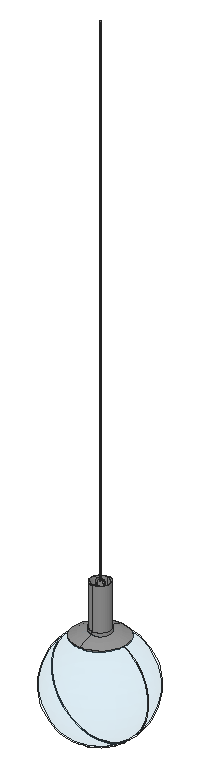
Revit family "Lighting_Pendants_Zero_Fog_Pendant", category Lighting Fixtures, Revit 2020
Family settings
  Round Connector Dimension = Use Diameter
  Part Type = Normal
  OmniClass Number = 23.80.70.00
  OmniClass Title = Lighting
  Work Plane-Based = Yes
  Always vertical = Yes
  Cut with Voids When Loaded = No
  Light Source = Yes
  Shared = No
  Room Calculation Point = No
Parameters (values of type "Fog pendant 300mm LED 395LM/4W Black")
  Youtube clip = ""
  Weight Net (Kg) = "3.5"
  Wattage = 2.65918 W
  WarrantyStartDate [instance] = "n/a"
  WarrantyGuarantorParts = "n/a"
  WarrantyGuarantorLabor = "n/a"
  WarrantyDurationUnit = "Year"
  WarrantyDurationParts = "n/a"
  WarrantyDurationLabor = "n/a"
  WarrantyDescription = "n/a"
  built-in parameter 1150110 = 1 (stored number, unit not read)
  VersionDate = "31/08/2023"  # constant formula
  Version = "3"  # constant formula
  UsageCurrent = 0 A
  Uniformat II Description = ""
  Uniformat II Code = ""
  Uniclass2015Reference = "Pr_70_70_48_86"
  Uniclass2015Description = "Suspended luminaires"
  Uniclass2 = "Pr_70_70_49_86"
  Uniclass 2015 Name = ""
  Uniclass 2015 Code = ""
  Uniclass 2.0 Description = ""
  Uniclass 2.0 Code = ""
  Uniclass 1.4 Description = ""
  Uniclass 1.4 Code = ""
  URL = "https://www.zerolighting.com/fog-inompe/"
  UNSPSC Code = ""
  TotalWattage = 4 W
  built-in parameter 1114217 = 1 (stored number, unit not read)
  Tilt Angle = 90.00°
  built-in parameter 1150109 = 1 (stored number, unit not read)
  built-in parameter 1150134 = (empty or 0)
  Technical description = ""
  TagNumber [instance] = "n/a"
  SustainabilityPerformance = "n/a"
  built-in parameter 1150113 = 1 (stored number, unit not read)
  Size = "300x300x430 mm"
  Shape = "Sculptured"
  SerialNumber [instance] = "n/a"
  Revision = "5"  # constant formula
  ReplacementCost = "n/a"
  Region South America = "None"
  Region Oceania = "AU, NZ"
  Region North America = "BZ, CR, GT, HN, MX, NI, PA, SV, US"
  Region Middle East = "AE"
  Region Europe = "AD, AL, AT, AX, BA, BE, BG, BY, CH, CY, CZ, DE, DK, EE, ES, FI, FO, FR, GB, GG, GI, GR, HR, HU, IE, IM, IS, IT, JE, LI, LT, LU, LV, MC, MD, ME, MK, MT, NL, NO, PL, PT, RO, RS, RU, SE, SI, SJ, SK, SM, UA, VA"
  Region Asia = "HK, JP, SG"
  Region Antarctica = "None"
  Region Africa = "None"
  ProductInformation = "n/a"
  Product group = "Pendant"
  Product family = "Fog"
  Product certification = ""
  Product SKU = "Fog_pendant"
  Product Guid = "0169e5ec-362a-4916-a359-482d8c756f5c"
  Photometric Web File = "Fog83113_IES.IES"
  PhaseReference = "n/a"
  PhaseAngle = 0.00°
  OmniClass Description = ""
  OmniClass Code = ""
  NumberOfSources = 0
  NumberOfPoles = 1
  NominalVoltageCalc = 0 V
  NominalVoltage = 230 V
  NominalRadius = 150 mm
  NominalLength = 300 mm
  NominalFrequencyRange = 50 Hz
  NominalDiameter = 300 mm
  NominalCurrent = 0 A
  Nominal width = 0 mm
  Nominal height = 0 mm
  Name = "Zero_Fog_Pendant"  # constant formula
  NBSReference = "90-60-50/405"
  NBSDescription = "General purpose luminaires"
  NBS Reference Description = ""
  NBS Reference Code = ""
  ModelReference = "n/a"
  ModelNumber = "8311-1-06"
  Model = "Fog pendant 300mm LED 395LM/4W Black"
  Material secondary = "Steel"
  Material main = "Glass"
  Material = "Metal and glass"
  Masterformat 2014 Description = ""
  Masterformat 2014 Code = ""
  ManufacturersSpecificInformation = "n/a"
  ManufacturerURL = "https://www.zerolighting.com/"
  ManufacturerName = "Zero"
  Manufacturer name = "ZERO"
  Manufacturer country = "Sweden"
  Manufacturer = "Zero"
  MaintenanceFactor = 0
  Lumens = 395 lm
  built-in parameter 1150115 = 1 (stored number, unit not read)
  built-in parameter 1150105 = 440.51 (stored number, unit not read)
  LightFixturePlacingType = "Ceiling"
  LightFixtureMountingType = "Suspended"
  LightFixtureMainMaterial = Black
  built-in parameter 1150137 = (empty or 0)
  built-in parameter 1150139 = (empty or 0)
  LensMaterial = Glass
  LampType = fog-lamp-300 : fog-lamp-300
  LampDistance2 = 150 mm
  LampDistance1 = 278 mm
  built-in parameter 1150112 = 1 (stored number, unit not read)
  built-in parameter 1150114 = 1 (stored number, unit not read)
  InsulationStandardClass = "n/a"
  InstallationDate [instance] = "n/a"
  Installation instructions = ""
  built-in parameter 1150132 = 2
  built-in parameter 1150102 = (empty or 0)
  built-in parameter 1150138 = (empty or 0)
  built-in parameter 1150107 = 3000 (stored number, unit not read)
  built-in parameter 1150106 = 4.4051 (stored number, unit not read)
  IfcExportType = "NOTDEFINED"  # constant formula
  IfcExportAs = "IfcLightFixtureType"  # constant formula
  IP_Code = "IP20"
  IFC Classification = ""
  HasProtectiveEarth = no
  Grade = "n/a"
  GTIN code = ""
  Finish = "Painted steel. Shade in partly sand blasted clear glass."
  Features = "Terminal block 3x2,25mm2."
  ExpectedLife = "n/a"
  ElectricalDeviceNominalPower = 0
  built-in parameter 1150104 = 13.8 (stored number, unit not read)
  Edition number = 1
  EANNumber = "n/a"
  DurationUnit = "Year"
  Dimming Lamp Color Temperature Shift = <None>
  Designer = "Front Design"
  Design country = "Sweden"
  Default Elevation [instance] = 1219.2 mm
  Date of publishing = ""
  Constituents = "n/a"
  Color Filter = 16777215
  Color = "Various"
  Collection = "Fog"
  CodePerformance = "n/a"
  Category = "Pendant"
  CableLength [instance] = 1500 mm
  COBIe Type Category = ""
  Brand url = "http://www.zero.se"
  Brand = "Zero"
  Barcode [instance] = "n/a"
  built-in parameter 1114218 = 1 (stored number, unit not read)
  BIMObjectName = "Lighting_Pendants_Zero_Fog_Pendant"  # constant formula
  Author = "BIMstone"  # constant formula
  built-in parameter 1150133 = 10 (stored number, unit not read)
  AssetType = "Fixed"
  AssetIdentifier [instance] = "n/a"
  ArticleNumber = "8311-1-06"
  AccessibilityPerformance = "n/a"
Types (18, lengths in mm): name | Wattage | TotalWattage | Size | Photometric Web File | NominalRadius | NominalLength | NominalDiameter | ModelNumber | Model | Lumens | built-in parameter 1150105 | LightFixtureMainMaterial | LampType | LampDistance2 | LampDistance1 | built-in parameter 1150106 | ArticleNumber
  Fog pendant 350mm LED 395LM/4W Copper | 2.65918 W | 4 W | "300x300x430 mm" | "Fog83113_IES.IES" | 150 | 300 | 300 | "8311-1-06" | "Fog pendant 300mm LED 395LM/4W Black" | 395 lm | 440.51 (stored number, unit not read) | Copper | fog-lamp-300 : fog-lamp-300 | 150 | 278 | 4.4051 (stored number, unit not read) | "8311-1-06"
  Fog pendant 400mm LED 395LM/4W Copper | 2.65918 W | 4 W | "400x400x530 mm" | "Fog83113_IES.IES" | 200 | 400 | 400 | "8311-5-78" | "Fog pendant 400mm LED 395LM/4W Copper" | 395 lm | 440.51 (stored number, unit not read) | Copper | fog-lamp-400 : fog-lamp-400 | 200 | 333.024 | 4.4051 (stored number, unit not read) | "8311-5-78"
  Fog pendant 300mm LED 510LM/7W Copper | 3.43337 W | 7 W | "300x300x430 mm" | "Fog83125_IES.IES" | 150 | 300 | 300 | "8312-1-78" | "Fog pendant 300mm LED 510LM/7W Copper" | 510 lm | 638.63 (stored number, unit not read) | Copper | fog-lamp-300 : fog-lamp-300 | 150 | 278 | 6.3863 (stored number, unit not read) | "8312-1-78"
  Fog pendant 400mm LED 510LM/7W Copper | 3.43337 W | 7 W | "400x400x530 mm" | "Fog83125_IES.IES" | 200 | 400 | 400 | "8312-5-78" | "Fog pendant 400mm LED 510LM/7W Copper" | 510 lm | 638.63 (stored number, unit not read) | Copper | fog-lamp-400 : fog-lamp-400 | 200 | 333 | 6.3863 (stored number, unit not read) | "8312-5-78"
  Fog pendant 300mm LED 395LM/4W Copper | 2.65918 W | 4 W | "300x300x430 mm" | "Fog83113_IES.IES" | 150 | 300 | 300 | "8311-1-78" | "Fog pendant 300mm LED 395LM/4W Copper" | 395 lm | 440.51 (stored number, unit not read) | Copper | fog-lamp-300 : fog-lamp-300 | 150 | 278 | 4.4051 (stored number, unit not read) | "8311-1-78"
  Fog pendant 300mm LED 395LM/4W Black | 2.65918 W | 4 W | "300x300x430 mm" | "Fog83113_IES.IES" | 150 | 300 | 300 | "8311-1-06" | "Fog pendant 300mm LED 395LM/4W Black" | 395 lm | 440.51 (stored number, unit not read) | Black | fog-lamp-300 : fog-lamp-300 | 150 | 278 | 4.4051 (stored number, unit not read) | "8311-1-06"
  Fog pendant 300mm LED 395LM/4W White | 2.65918 W | 4 W | "300x300x430 mm" | "Fog83113_IES.IES" | 150 | 300 | 300 | "8311-1-01" | "Fog pendant 300mm LED 395LM/4W White" | 395 lm | 440.51 (stored number, unit not read) | White | fog-lamp-300 : fog-lamp-300 | 150 | 278 | 4.4051 (stored number, unit not read) | "8311-1-01"
  Fog pendant 300mm LED 510LM/7W Black | 3.43337 W | 7 W | "300x300x430 mm" | "Fog83125_IES.IES" | 150 | 300 | 300 | "8312-1-06" | "Fog pendant 300mm LED 510LM/7W Black" | 510 lm | 638.63 (stored number, unit not read) | Black | fog-lamp-300 : fog-lamp-300 | 150 | 278 | 6.3863 (stored number, unit not read) | "8312-1-06"
  Fog pendant 300mm LED 510LM/7W White | 3.43337 W | 7 W | "300x300x430 mm" | "Fog83125_IES.IES" | 150 | 300 | 300 | "8312-1-01" | "Fog pendant 300mm LED 510LM/7W White" | 510 lm | 638.63 (stored number, unit not read) | White | fog-lamp-300 : fog-lamp-300 | 150 | 278 | 6.3863 (stored number, unit not read) | "8312-1-01"
  Fog pendant 350mm LED 395LM/4W Black | 2.65918 W | 4 W | "350x350x480 mm" | "Fog83113_IES.IES" | 175 | 350 | 350 | "8311-3-06" | "Fog pendant 350mm LED 395LM/4W Black" | 395 lm | 440.51 (stored number, unit not read) | Black | fog-lamp-350 : fog-lamp-350 | 175 | 307 | 4.4051 (stored number, unit not read) | "8311-3-06"
  Fog pendant 350mm LED 395LM/4W White | 2.65918 W | 4 W | "350x350x480 mm" | "Fog83113_IES.IES" | 175 | 350 | 350 | "8311-3-01" | "Fog pendant 350mm LED 395LM/4W White" | 395 lm | 440.51 (stored number, unit not read) | White | fog-lamp-350 : fog-lamp-350 | 175 | 307 | 4.4051 (stored number, unit not read) | "8311-3-01"
  Fog pendant 350mm LED 510LM/7W Copper | 3.43337 W | 7 W | "350x350x480 mm" | "Fog83125_IES.IES" | 175 | 350 | 350 | "8312-3-78" | "Fog pendant 350mm LED 510LM/7W Copper" | 510 lm | 638.63 (stored number, unit not read) | Copper | fog-lamp-350 : fog-lamp-350 | 175 | 307 | 6.3863 (stored number, unit not read) | "8312-3-78"
  Fog pendant 350mm LED 510LM/7W Black | 3.43337 W | 7 W | "350x350x480 mm" | "Fog83125_IES.IES" | 175 | 350 | 350 | "8312-3-06" | "Fog pendant 350mm LED 510LM/7W Black" | 510 lm | 638.63 (stored number, unit not read) | Black | fog-lamp-350 : fog-lamp-350 | 175 | 307 | 6.3863 (stored number, unit not read) | "8312-3-06"
  Fog pendant 350mm LED 510LM/7W White | 3.43337 W | 7 W | "350x350x480 mm" | "Fog83125_IES.IES" | 175 | 350 | 350 | "8312-3-01" | "Fog pendant 350mm LED 510LM/7W White" | 510 lm | 638.63 (stored number, unit not read) | White | fog-lamp-350 : fog-lamp-350 | 175 | 307 | 6.3863 (stored number, unit not read) | "8312-3-01"
  Fog pendant 400mm LED 395LM/4W Black | 2.65918 W | 4 W | "400x400x530 mm" | "Fog83113_IES.IES" | 200 | 400 | 400 | "8311-5-01" | "Fog pendant 400mm LED 395LM/4W Black" | 395 lm | 440.51 (stored number, unit not read) | Black | fog-lamp-400 : fog-lamp-400 | 200 | 333.024 | 4.4051 (stored number, unit not read) | "8311-5-01"
  Fog pendant 400mm LED 395LM/4W White | 2.65918 W | 4 W | "400x400x530 mm" | "Fog83113_IES.IES" | 200 | 400 | 400 | "8311-5-01" | "Fog pendant 400mm LED 395LM/4W White" | 395 lm | 440.51 (stored number, unit not read) | White | fog-lamp-400 : fog-lamp-400 | 200 | 333.024 | 4.4051 (stored number, unit not read) | "8311-5-01"
  Fog pendant 400mm LED 510LM/7W Black | 3.43337 W | 7 W | "400x400x530 mm" | "Fog83125_IES.IES" | 200 | 400 | 400 | "8312-5-06" | "Fog pendant 400mm LED 510LM/7W Black" | 510 lm | 638.63 (stored number, unit not read) | Black | fog-lamp-400 : fog-lamp-400 | 200 | 333 | 6.3863 (stored number, unit not read) | "8312-5-06"
  Fog pendant 400mm LED 510LM/7W White | 3.43337 W | 7 W | "400x400x530 mm" | "Fog83125_IES.IES" | 200 | 400 | 400 | "8312-5-01" | "Fog pendant 400mm LED 510LM/7W White" | 510 lm | 638.63 (stored number, unit not read) | White | fog-lamp-400 : fog-lamp-400 | 200 | 333 | 6.3863 (stored number, unit not read) | "8312-5-01"
Reference planes
  plane 1 "Light Source Axis (F/B)": y = 0
  plane 2: z = 0
  plane 3 "Light Source Axis (L/R)": x = 0
  plane 4 "Ceiling": z = 0
  plane 5 "Light Source Elevation": z = -1778
  plane 6: y = 150
  plane 7: y = -150
  plane 8: x = -150
  plane 9: x = 150
  plane 10: z = -1500
  plane 11: z = -1928
  plane 12: z = 0
Forms (mm)
  Extrusion 1, solid, material "Default", detail levels medium+fine
    sketch origin (0, 0, -1778) x (-1, 0, 0) y (0, -1, 0)
      loop
        circle (0, 0) r 1
    from 278 to 1778
  Extrusion 2, solid, material "Black" <- "LightFixtureMainMaterial", detail levels coarse
    sketch origin (0, 0, -1778) x (-1, 0, 0) y (0, -1, 0)
      loop
        line (150, 150) -> (-150, 150) -> (-150, -150) -> (150, -150) -> (150, 150)
    from -150 to 1778
Lines and regions (mm)
  symbolic lines, detail levels coarse
    curve 1: line (-150, -150, -1778) -> (150, -150, -1778)
    curve 2: line (-150, 150, -1778) -> (-150, -150, -1778)
    curve 3: line (150, 150, -1778) -> (-150, 150, -1778)
    curve 4: line (150, -150, -1778) -> (150, 150, -1778)
  symbolic lines, detail levels medium+fine
    curve 5: line (0, 1, -1492.355) -> (0, 1, 0)
    curve 6: line (0, -1, 0) -> (0, -1, -1492.355)
    curve 7: line (1, 0, 0) -> (1, 0, -1491.949)
    curve 8: line (-1, 0, 0) -> (-1, 0, -1491.949)
Dimensions and locks
  equal spacing: plane 6, plane 1 "Light Source Axis (F/B)", plane 7
  plane 6 to plane 7 = 300 mm
  equal spacing: plane 8, plane 3 "Light Source Axis (L/R)", plane 9
  "NominalLength": plane 8 to plane 9
  "CableLength": level to plane 10
  "LampDistance1": plane 10 to plane 5 "Light Source Elevation"
  "LampDistance2": plane 11 to plane 5 "Light Source Elevation"
  aligned and locked: plane 3 "Light Source Axis (L/R)" to imposter light
  aligned and locked: plane 1 "Light Source Axis (F/B)" to imposter light
  aligned and locked: plane 5 "Light Source Elevation" to imposter light
  aligned and locked: level to Extrusion 1
  aligned and locked: Extrusion 1 to plane 10
  aligned and locked: plane 10 to nested 1
  aligned and locked: plane 5 "Light Source Elevation" to nested 2
  aligned and locked: Extrusion 2 to plane 11
  aligned and locked: Extrusion 2 to plane 4 "Ceiling"
Automatic sketch dimensions
  curve 1 to plane 7 = 0 mm
  curve 1 to plane 9 = 0 mm
  curve 3 to plane 6 = 0 mm
  curve 3 to plane 8 = 0 mm
  plane 1 "Light Source Axis (F/B)" to Extrusion 1 sketch curve = 0 mm
  Extrusion 1 sketch curve to plane 3 "Light Source Axis (L/R)" = 0 mm
  Extrusion 2 sketch curve to plane 7 = 0 mm
  Extrusion 2 sketch curve to plane 9 = 0 mm
  Extrusion 2 sketch curve to plane 6 = 0 mm
  Extrusion 2 sketch curve to plane 8 = 0 mm
  curve 6 to level = 0 mm
  curve 5 to level = 0 mm
  plane 1 "Light Source Axis (F/B)" to curve 6 = 1 mm
  curve 5 to plane 1 "Light Source Axis (F/B)" = 1 mm
  plane 10 to curve 5 = 7.645 mm
  curve 6 to curve 5 = 0 mm
  curve 8 to level = 0 mm
  curve 7 to level = 0 mm
  curve 8 to plane 3 "Light Source Axis (L/R)" = 1 mm
  plane 3 "Light Source Axis (L/R)" to curve 7 = 1 mm
  plane 10 to curve 8 = 8.051 mm
  curve 7 to curve 8 = 0 mm
Nested families
  nested 1: "fog-pendant" at (0, 0, -1640), Material1 <- "LightFixtureMainMaterial", type "fog-pendant"
    with Material1 Black
  nested 2: "fog-lamp-300" at (0, 0, -1778), type <- "LampType", Material1 <- "LensMaterial", type "fog-lamp-300"
    with Material1 Glass
Connectors
  electrical at (0, 0, 0), driven by "NominalVoltage"
    settings: on Extrusion 1, index 1, voltage 230 V, apparent load 0 VA, apparent load phase1 0 VA, apparent load phase2 0 VA, apparent load phase3 0 VA, power factor 1, load classification "Other", number of poles 1, system type 31, power factor state 1, is connector primary yes, connector utility no, sub classification motor no, connector description ""
Definition of nested family "fog-pendant"
  Parameters (values of type "fog-pendant")
    Material1 [instance] = none
    Default Elevation = 0 mm
  Reference planes
    plane 1 "Center (Front/Back)": y = 0
    plane 2: z = 0
    plane 3 "Center (Left/Right)": x = 0
  Forms (mm)
    Revolve 1, solid, material <- "Material1", detail levels medium+fine
      sketch origin (0, 0, 0) x (0, 1, 0) y (0, 0, 1)
        loop
          arc (75.525, -5.821) -> (53.262, 2.97) -> (30.013, 8.659) r 175.983
          line (30.013, 8.659) -> (0, 8.659) -> (0, 7.659) -> (29.926, 7.659)
          arc (29.926, 7.659) -> (53, 2.004) -> (75.095, -6.724) r 174.983
          line (75.095, -6.724) -> (75.525, -5.821)
        axis (0, 8.659) -> (0, -6.724)
      angle from 0 to 360
    Revolve 2, solid, material <- "Material1", detail levels medium+fine
      sketch origin (0, 0, 0) x (0, 1, 0) y (0, 0, 1)
        loop
          line (30, 16.659) -> (28, 16.659) -> (28, 8.659) -> (30, 8.659) -> (30, 16.659)
        axis (0, 16.659) -> (0, 8.659)
      angle from 0 to 360
    Revolve 3, solid, material <- "Material1", detail levels medium+fine
      sketch origin (0, 0, 0) x (0, 1, 0) y (0, 0, 1)
        loop
          line (27.5, 140) -> (25.5, 140) -> (25.5, 8.659) -> (27.5, 8.659) -> (27.5, 140)
        axis (0, 140) -> (0, 8.659)
      angle from 0 to 360
    Extrusion 4, solid, detail levels medium+fine
      sketch origin (-223.558, 0, 0) x (1, 0, 0) y (0, 1, 0)
        loop
          line (208.919, 11) -> (200.553, 11)
          arc (200.553, 11) -> (198.058, 0) -> (200.553, -11) r 25.5
          line (200.553, -11) -> (246.564, -11)
          arc (246.564, -11) -> (249.058, 0) -> (246.564, 11) r 25.5
          line (246.564, 11) -> (216.062, 11)
          arc (216.062, 11) -> (214.776, 9.948) -> (213.606, 8.768) r 16.063
          arc (213.606, 8.768) -> (211.948, 6.478) -> (210.794, 3.897) r 13.748
          arc (210.794, 3.897) -> (209.377, 2.485) -> (207.4, 2.794) r 2.211
          arc (207.4, 2.794) -> (206.309, 4.318) -> (206.362, 6.191) r 2.937
          arc (206.362, 6.191) -> (207.476, 8.683) -> (208.919, 11) r 20.058
        loop
          circle (223.558, 0) r 8.5
      from 114 to 117
    Sweep 5, solid, material <- "Material1", detail levels medium+fine
      path in 3D
        loop
          line (-11.606, 0, 117) -> (-11.606, 0, 135)
          arc (-11.606, 0, 135) -> (0.044, 0, 146.65) -> (11.694, 0, 135) r 11.65
          line (11.694, 0, 135) -> (11.694, 0, 117)
      profile origin (-11.606, 0, 126) x (-1, 0, 0) y (0, -1, 0)
        loop
          circle (0, 0) r 1.5
  Lines and regions (mm)
    sketch lines
      curve 1: line (-11.606, 0, 117) -> (-11.606, 0, 135)
      curve 2: arc (-11.606, 0, 135) -> (0.044, 0, 146.65) -> (11.694, 0, 135) r 11.65
      curve 3: line (11.694, 0, 117) -> (11.694, 0, 135)
    symbolic lines, detail levels medium+fine
      curve 4: line (0, 1.557, 140) -> (0, 27.5, 140)
      curve 5: line (0, 27.5, 140) -> (0, 27.5, 16.728)
      curve 6: line (0, 27.5, 16.728) -> (0, 30.266, 16.728)
      curve 7: line (0, 30.266, 16.728) -> (0, 30.266, 9.067)
      curve 8: arc (0, 30.266, 9.067) -> (0, 53.348, 3) -> (0, 75.525, -5.821) r 196.46
      curve 9: line (0, 75.525, -5.821) -> (0, 75.1, -6.724)
      curve 10: line (0, 75.1, -6.724) -> (0, 0, -6.724)
      curve 11: line (0, -1.557, 140) -> (0, -27.5, 140)
      curve 12: line (0, -27.5, 140) -> (0, -27.5, 16.728)
      curve 13: line (0, -27.5, 16.728) -> (0, -30.266, 16.728)
      curve 14: line (0, -30.266, 16.728) -> (0, -30.266, 9.067)
      curve 15: arc (0, -30.266, 9.067) -> (0, -53.348, 3) -> (0, -75.525, -5.821) r 196.46
      curve 16: line (0, -75.525, -5.821) -> (0, -75.1, -6.724)
      curve 17: line (0, -75.1, -6.724) -> (0, 0, -6.724)
      curve 18: line (0, 1.557, 140) -> (0, 1.557, 146.452)
      curve 19: arc (0, 1.557, 146.452) -> (0, 0, 148.009) -> (0, -1.557, 146.452) r 1.557
      curve 20: line (0, -1.557, 140) -> (0, -1.557, 146.452)
      curve 26: line (-27.5, 0, 140) -> (-27.5, 0, 16.659)
      curve 27: line (-27.5, 0, 16.659) -> (-30.088, 0, 16.659)
      curve 28: line (-30.088, 0, 16.659) -> (-30.088, 0, 8.659)
      curve 29: arc (-30.088, 0, 8.659) -> (-53.338, 0, 3.088) -> (-75.525, 0, -5.821) r 163.117
      curve 30: line (-75.525, 0, -5.821) -> (-75.083, 0, -6.724)
      curve 31: line (-75.083, 0, -6.724) -> (0, 0, -6.724)
      curve 32: arc (-12.127, 0, 140) -> (-0.001, 0, 148.089) -> (12.125, 0, 140) r 13.134
      curve 34: line (-12.127, 0, 140) -> (-27.5, 0, 140)
      curve 37: line (27.5, 0, 140) -> (27.5, 0, 16.659)
      curve 38: line (27.5, 0, 16.659) -> (30.088, 0, 16.659)
      curve 39: line (30.088, 0, 16.659) -> (30.088, 0, 8.659)
      curve 40: arc (30.088, 0, 8.659) -> (53.338, 0, 3.088) -> (75.525, 0, -5.821) r 163.117
      curve 41: line (75.525, 0, -5.821) -> (75.083, 0, -6.724)
      curve 42: line (75.083, 0, -6.724) -> (0, 0, -6.724)
      curve 43: line (12.125, 0, 140) -> (27.5, 0, 140)
    symbolic lines, detail levels fine
      curve 21: line (0, 1.557, 140) -> (0, 0, 140)
      curve 22: line (0, 0, 140) -> (0, -1.557, 140)
      curve 23: line (0, 27.5, 16.728) -> (0, -27.5, 16.728)
      curve 24: line (0, 30.266, 9.067) -> (0, -30.266, 9.067)
      curve 25: line (0, 0, 140) -> (-8.79, 0, 140)
      curve 33: arc (-8.79, 0, 140) -> (-0.001, 0, 145.089) -> (8.788, 0, 140) r 10.134
      curve 35: line (-8.79, 0, 140) -> (-12.127, 0, 140)
      curve 36: line (0, 0, 140) -> (8.788, 0, 140)
      curve 44: line (8.788, 0, 140) -> (12.125, 0, 140)
      curve 45: line (30.088, 0, 8.659) -> (0, 0, 8.659)
      curve 46: line (27.5, 0, 16.659) -> (0, 0, 16.659)
      curve 47: line (-30.088, 0, 8.659) -> (0, 0, 8.659)
      curve 48: line (-27.5, 0, 16.659) -> (0, 0, 16.659)
  Dimensions and locks
    aligned and locked: level to plane 2
Definition of nested family "fog-lamp-300"
  Parameters (values of type "fog-lamp-300")
    Material1 [instance] = none
    Default Elevation = 0 mm
  Reference planes
    plane 1 "Center (Front/Back)": y = 0
    plane 2: z = 0
    plane 3 "Center (Left/Right)": x = 0
    plane 4: z = 0
  Forms (mm)
    Revolve 1, solid, material <- "Material1", detail levels medium+fine
      sketch origin (-223.558, 0, 0) x (1, 0, 0) y (0, 0, 1)
        loop
          line (223.558, -149.97) -> (223.558, -146.969)
          arc (223.558, -146.969) -> (79.558, 0) -> (223.558, 146.969) r 147
          line (223.558, 146.969) -> (223.558, 149.97)
          arc (223.558, 149.97) -> (76.558, 0) -> (223.558, -149.97) r 150
        axis (223.558, -149.97) -> (223.558, 149.97)
      angle from 0 to 360
  Lines and regions (mm)
    symbolic lines, detail levels medium+fine
      curve 1: arc (-72.528, 0, 131.3) -> (0, 0, -150) -> (72.528, 0, 131.3) r 150
      curve 2: arc (0, -72.528, 131.3) -> (0, 0, -150) -> (0, 72.528, 131.3) r 150
      curve 3: circle (0, 0, 0) r 150 normal (0, 0, 1)
  Dimensions and locks
    aligned and locked: level to plane 2
